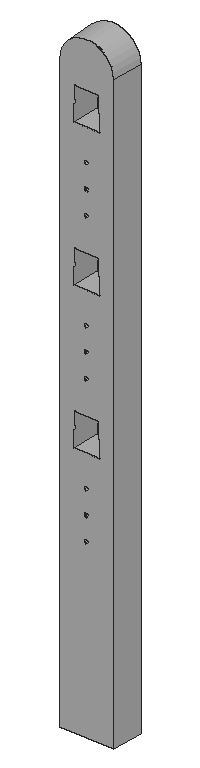
Revit family "P115 Three Holed Post", category Generic Models, Revit 2020
Family settings
  Can host rebar = No
  Round Connector Dimension = Use Diameter
  Part Type = Normal
  Work Plane-Based = No
  Always vertical = Yes
  Cut with Voids When Loaded = No
  Shared = No
  Room Calculation Point = No
Parameters
  Weight = "75Kg"
  Warranty Guarantor Parts = "n/a"
  Warranty Guarantor Labour = "n/a"
  Warranty Duration Unit = "n/a"
  Warranty Duration Parts = "n/a"
  Warranty Duration Labour = "n/a"
  Warranty Description = "n/a"
  Unit Width [instance] = 180 mm
  Unit Length [instance] = 100 mm
  Unit Height [instance] = 1975 mm
  URL = "www.killeshal.com"
  Types = "Single"
  Type Comments = "Visit our website for a full list of available products."
  Sustainability Performance = "n/a"
  Structural Class = "n/a"
  Span = "n/a"
  Slope = "n/a"
  Size = "180mm wide x 100mm long x 1975mm high."
  Shape = "As per drawing."
  Service Life = "0.000000"
  Serial Number = "n/a"
  Resistance to Fire = "n/a"
  Replacement Cost = "n/a"
  Reference = "n/a"
  Notified Body = "n/a"
  Nominal Cover to Main Bar = "n/a"
  Model = "P/115 Fencing Post"
  Mechanical Resistance = "n/a"
  Manufacturer = "Killeshal Precast Concrete Ltd."
  Load Bearing = no
  Life Cycle Environmental Load = "n/a"
  Length Options = "1975mm"
  Keynote = "The information contained is the sole property of KPC Ltd., any reproduction in part or whole without permission of KPC Ltd. is prohibited."
  Environmental Product Declaration = "n/a"
  Environmental Class = "n/a"
  Durability against Corrosion = "Design specification and critical dimensions as per product drawings."
  Dimension Accuracy Class = "n/a"
  Detailing = "As per design specifiaction and production drawings."
  Description = "6'6\" Three Hole Fencing Post"
  Default Elevation = 0 mm
  Dangerous Substances = "No Exposure."
  Contact Tel = "0035357 9353018"
  Contact Email = "sales@killeshal.com"
  Construction Type = "Precast"
  Construction Tolerance Class = "n/a"
  Compressive Strength of Concrete = "n/a"
  Characteristics of Reinforcing Steel = "n/a"
  Characteristics Deflection Under Load = "n/a"
Reference planes
  plane 1 "Center (Front/Back)": y = 0
  plane 2: z = 0
  plane 3 "Center (Left/Right)": x = 0
  plane 4: x = 90
  plane 5: x = -90
  plane 6: y = -50
  plane 7: y = 50
  plane 8: z = 1163
  plane 9: z = 1263
  plane 10: z = 1368
  plane 11: z = 1473
  plane 12: z = 1548
  plane 13: z = 1623
  plane 14: z = 1723
  plane 15: z = 1088
  plane 16: z = 1013
  plane 17: z = 908
  plane 18: z = 803
  plane 19: z = 703
  plane 20: z = 628
  plane 21: z = 553
  plane 22: x = -85
  plane 23: x = 85
  plane 24: z = 1828
  plane 25: z = 1975
  plane 26: z = 855.5
  plane 27: z = 1315.5
  plane 28: z = 1775.5
Forms (mm)
  Extrusion 1, solid, material "Precast Concrete (KPC)"
    sketch origin (0, 0, 0) x (1, 0, 0) y (0, 1, 0)
      loop
        line (-90, 50) -> (-85, -50) -> (85, -50) -> (90, 50) -> (-90, 50)
    from 0 to 1975
  Extrusion 2, void
    sketch origin (0, 0, 0) x (1, 0, 0) y (0, 0, 1)
      loop
        circle (0, 553) r 6
    from -50 to 50
  Extrusion 3, void
    sketch origin (0, 0, 75) x (1, 0, 0) y (0, 0, 1)
      loop
        circle (0, 553) r 6
    from -50 to 50
  Extrusion 4, void
    sketch origin (0, 0, 150) x (1, 0, 0) y (0, 0, 1)
      loop
        circle (0, 553) r 6
    from -50 to 50
  Blend 5, void
    base sketch origin (0, 0, 0) x (1, 0, 0) y (0, 0, 1)
      loop
        line (-42.024, 913) -> (-47.5, 798) -> (47.5, 798) -> (42.024, 913) -> (-42.024, 913)
    top sketch origin (0, 0, 0) x (1, 0, 0) y (0, 0, 1)
      loop
        line (-37.5, 908) -> (-42.5, 803) -> (42.5, 803) -> (37.5, 908) -> (-37.5, 908)
    from -50 to 50
  Extrusion 6, void
    sketch origin (0, 0, 460) x (1, 0, 0) y (0, 0, 1)
      loop
        circle (0, 553) r 6
    from -50 to 50
  Extrusion 7, void
    sketch origin (0, 0, 535) x (1, 0, 0) y (0, 0, 1)
      loop
        circle (0, 553) r 6
    from -50 to 50
  Extrusion 8, void
    sketch origin (0, 0, 610) x (1, 0, 0) y (0, 0, 1)
      loop
        circle (0, 553) r 6
    from -50 to 50
  Blend 9, void
    base sketch origin (0, 0, 460) x (1, 0, 0) y (0, 0, 1)
      loop
        line (-42.024, 913) -> (-47.5, 798) -> (47.5, 798) -> (42.024, 913) -> (-42.024, 913)
    top sketch origin (0, 0, 460) x (1, 0, 0) y (0, 0, 1)
      loop
        line (-37.5, 908) -> (-42.5, 803) -> (42.5, 803) -> (37.5, 908) -> (-37.5, 908)
    from -50 to 50
  Extrusion 10, void
    sketch origin (0, 0, 920) x (1, 0, 0) y (0, 0, 1)
      loop
        circle (0, 553) r 6
    from -50 to 50
  Extrusion 11, void
    sketch origin (0, 0, 995) x (1, 0, 0) y (0, 0, 1)
      loop
        circle (0, 553) r 6
    from -50 to 50
  Extrusion 12, void
    sketch origin (0, 0, 1070) x (1, 0, 0) y (0, 0, 1)
      loop
        circle (0, 553) r 6
    from -50 to 50
  Blend 13, void
    base sketch origin (0, 0, 920) x (1, 0, 0) y (0, 0, 1)
      loop
        line (-42.024, 913) -> (-47.5, 798) -> (47.5, 798) -> (42.024, 913) -> (-42.024, 913)
    top sketch origin (0, 0, 920) x (1, 0, 0) y (0, 0, 1)
      loop
        line (-37.5, 908) -> (-42.5, 803) -> (42.5, 803) -> (37.5, 908) -> (-37.5, 908)
    from -50 to 50
  Blend 14, void
    base sketch origin (0, 0, 0) x (1, 0, 0) y (0, 0, 1)
      loop
        line (90, 1980) -> (-90, 1980) -> (-90, 1885)
        arc (-90, 1885) -> (0, 1975) -> (90, 1885) r 90
        line (90, 1885) -> (90, 1980)
    top sketch origin (0, 0, 0) x (1, 0, 0) y (0, 0, 1)
      loop
        line (-85, 1975) -> (-85, 1885)
        arc (-85, 1885) -> (0, 1970) -> (85, 1885) r 85
        line (85, 1885) -> (85, 1975) -> (-85, 1975)
    from -50 to 50
Cuts and joins
  Extrusion 2, Extrusion 3, Extrusion 4, Blend 5, Extrusion 6, Extrusion 7, Extrusion 8, Blend 9, Extrusion 10, Extrusion 11, Extrusion 12, Blend 13, Blend 14 cuts Extrusion 1
Dimensions and locks
  "Unit Width": plane 5 to plane 4
  plane 22 to plane 23 = 170 mm
  "Unit Length": cut or joined group 1 (Extrusion 1, Extrusion 2, Extrusion 3, Extrusion 4, Blend 5, Extrusion 6, Extrusion 7, Extrusion 8, Blend 9, Extrusion 10, Extrusion 11, Extrusion 12, Blend 13, Blend 14) to cut or joined group 1
  plane 20 to plane 21 = 75 mm
  plane 18 to plane 19 = 100 mm
  plane 16 to plane 17 = 105 mm
  plane 8 to plane 15 = 75 mm
  plane 10 to plane 9 = 105 mm
  plane 12 to plane 11 = 75 mm
  plane 14 to plane 13 = 100 mm
  plane 19 to plane 20 = 75 mm
  plane 17 to plane 18 = 105 mm
  plane 15 to plane 16 = 75 mm
  plane 9 to plane 8 = 100 mm
  plane 11 to plane 10 = 105 mm
  plane 13 to plane 12 = 75 mm
  plane 24 to plane 14 = 105 mm
  plane 25 to plane 24 = 147 mm
  plane 27 to plane 26 = 460 mm
  plane 28 to plane 27 = 460 mm
  plane 25 to plane 28 = 199.5 mm
  "Unit Height": plane 25 to level
  aligned and locked: level to plane 2
Automatic sketch dimensions
  Extrusion 1 sketch curve to plane 5 = 0 mm
  Extrusion 1 sketch curve to plane 6 = 0 mm
  Extrusion 1 sketch curve to plane 22 = 0 mm
  Extrusion 1 sketch curve to plane 23 = 0 mm
  Extrusion 1 sketch curve to plane 4 = 0 mm
  Extrusion 1 sketch curve to plane 7 = 0 mm
  Extrusion 2 sketch curve to plane 3 "Center (Left/Right)" = 0 mm
  Extrusion 2 sketch curve to plane 21 = 0 mm
  Extrusion 3 sketch curve to plane 3 "Center (Left/Right)" = 0 mm
  Extrusion 3 sketch curve to plane 20 = 0 mm
  Extrusion 4 sketch curve to plane 3 "Center (Left/Right)" = 0 mm
  Extrusion 4 sketch curve to plane 19 = 0 mm
  Blend 5 sketch curve to plane 18 = 5 mm
  Blend 5 sketch curve to plane 22 = 37.5 mm
  plane 17 to Blend 5 sketch curve = 5 mm
  Blend 5 sketch curve to plane 3 "Center (Left/Right)" = 42.024 mm
  plane 3 "Center (Left/Right)" to Blend 5 sketch curve = 42.024 mm
  plane 23 to Blend 5 sketch curve = 37.5 mm
  Blend 5 sketch curve to plane 18 = 0 mm
  Blend 5 sketch curve to plane 17 = 0 mm
  Blend 5 sketch curve to plane 3 "Center (Left/Right)" = 42.5 mm
  Blend 5 sketch curve to plane 3 "Center (Left/Right)" = 37.5 mm
  plane 3 "Center (Left/Right)" to Blend 5 sketch curve = 37.5 mm
  plane 3 "Center (Left/Right)" to Blend 5 sketch curve = 42.5 mm
  Extrusion 6 sketch curve to plane 3 "Center (Left/Right)" = 0 mm
  Extrusion 6 sketch curve to plane 16 = 0 mm
  Extrusion 7 sketch curve to plane 3 "Center (Left/Right)" = 0 mm
  Extrusion 7 sketch curve to plane 15 = 0 mm
  Extrusion 8 sketch curve to plane 3 "Center (Left/Right)" = 0 mm
  Extrusion 8 sketch curve to plane 8 = 0 mm
  Blend 9 sketch curve to plane 9 = 5 mm
  Blend 9 sketch curve to plane 22 = 37.5 mm
  plane 10 to Blend 9 sketch curve = 5 mm
  Blend 9 sketch curve to plane 3 "Center (Left/Right)" = 42.024 mm
  plane 3 "Center (Left/Right)" to Blend 9 sketch curve = 42.024 mm
  plane 23 to Blend 9 sketch curve = 37.5 mm
  Blend 9 sketch curve to plane 9 = 0 mm
  Blend 9 sketch curve to plane 10 = 0 mm
  Blend 9 sketch curve to plane 3 "Center (Left/Right)" = 42.5 mm
  Blend 9 sketch curve to plane 3 "Center (Left/Right)" = 37.5 mm
  plane 3 "Center (Left/Right)" to Blend 9 sketch curve = 37.5 mm
  plane 3 "Center (Left/Right)" to Blend 9 sketch curve = 42.5 mm
  Extrusion 10 sketch curve to plane 3 "Center (Left/Right)" = 0 mm
  Extrusion 10 sketch curve to plane 11 = 0 mm
  Extrusion 11 sketch curve to plane 3 "Center (Left/Right)" = 0 mm
  Extrusion 11 sketch curve to plane 12 = 0 mm
  Extrusion 12 sketch curve to plane 3 "Center (Left/Right)" = 0 mm
  Extrusion 12 sketch curve to plane 13 = 0 mm
  Blend 13 sketch curve to plane 14 = 5 mm
  Blend 13 sketch curve to plane 22 = 37.5 mm
  plane 24 to Blend 13 sketch curve = 5 mm
  Blend 13 sketch curve to plane 3 "Center (Left/Right)" = 42.024 mm
  plane 3 "Center (Left/Right)" to Blend 13 sketch curve = 42.024 mm
  plane 23 to Blend 13 sketch curve = 37.5 mm
  Blend 13 sketch curve to plane 14 = 0 mm
  Blend 13 sketch curve to plane 24 = 0 mm
  Blend 13 sketch curve to plane 3 "Center (Left/Right)" = 42.5 mm
  Blend 13 sketch curve to plane 3 "Center (Left/Right)" = 37.5 mm
  plane 3 "Center (Left/Right)" to Blend 13 sketch curve = 37.5 mm
  plane 3 "Center (Left/Right)" to Blend 13 sketch curve = 42.5 mm
  plane 5 to Blend 14 sketch curve = 0 mm
  Blend 14 sketch curve to plane 3 "Center (Left/Right)" = 0 mm  (x2)
  plane 24 to Blend 14 sketch curve = 57 mm  (x2)
  plane 25 to Blend 14 sketch curve = 5 mm
  plane 22 to Blend 14 sketch curve = 0 mm
  Blend 14 sketch curve to plane 25 = 0 mm
  radius of Extrusion 2 sketch curve = 6 mm
  radius of Extrusion 3 sketch curve = 6 mm
  radius of Extrusion 4 sketch curve = 6 mm
  radius of Extrusion 6 sketch curve = 6 mm
  radius of Extrusion 7 sketch curve = 6 mm
  radius of Extrusion 8 sketch curve = 6 mm
  radius of Extrusion 10 sketch curve = 6 mm
  radius of Extrusion 11 sketch curve = 6 mm
  radius of Extrusion 12 sketch curve = 6 mm
